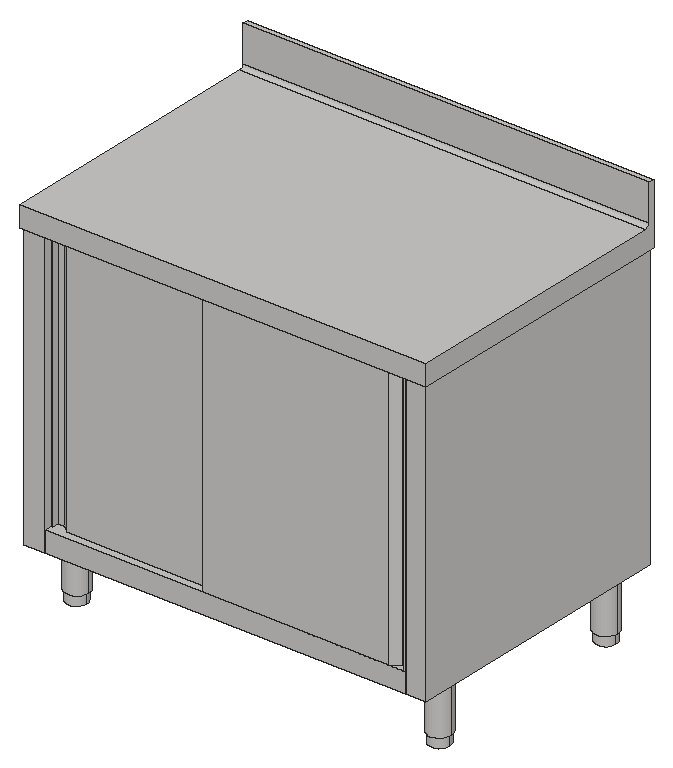
Revit family "QF_ZANUSSI_133079_TN1010EN", category Attrezzature speciali, Revit 2020
Family settings
  Quota connettore circolare = Usa diametro
  Tipo di parte = Normale
  Basato su piano di lavoro = No
  Sempre verticale = Sì
  Taglio con vuoti quando caricato = No
  Condiviso = No
  Punto di calcolo locali = No
Parameters (values of type "Standard")
  Weight = 50.00 kg
  Watts = 0 W
  Volts = 0 V
  URL Manufacturer = "http://www.zanussiprofessional.com"
  URL = "http://www.zanussiprofessional.com"
  Steam Supply Size = 0 mm
  Steam Supply Minimum Pressure = 0.0 Pa
  Steam Supply Maximum Pressure = 0.0 Pa
  Steam Consumption per Hour = 0
  Refrigeration Suction Line Size = 0.0 mm
  Refrigeration Liquid Line Size = 0.0 mm
  Refrigerant Compressor Remote = yes
  Prospetto di default = 0.0 mm
  Produttore = "Zanussi"
  Phase = 0
  Modello = "TN1010EN"
  Length Actual = 1000.0 mm  # constant formula
  Item Number = "133079"
  Hot Water Size = 0 mm
  Height Actual = 1000.0 mm  # constant formula
  HP = "0 HP"
  Gas Size = 0 mm
  Gas KW = 0
  Gas Input Pressure = 0 W
  Direct Waste Size = 0 mm
  Descrizione = "WORKTOP CUPBOARD WITH UPSTAND 1000 MM"
  Depth Actual = 700.0 mm  # constant formula
  Cycle = 0 Hz
  Condensate Return Size = 0 mm
  Compressed Air Volume = 0.0 L/s
  Compressed Air Size = 0 mm
  Compressed Air Pressure = 0.0 Pa
  Cold Water Size = 0 mm
  Accessory = yes
Reference planes
  plane 1 "Center (Front/Back)": y = 0
  plane 2: z = 0
  plane 3 "Center (Left/Right)": x = 0
  plane 4 "LEFT": x = -500
  plane 5 "RIGHT": x = 500
  plane 6 "BACK": y = 350
  plane 7 "FRONT": y = -350
  plane 8 "Base": z = 850
  plane 9 "TOP": z = 900
  plane 10: x = -446.9
  plane 11: x = 446.9
  plane 12: y = 270
  plane 13: y = -241.9
  plane 14 "BodyLeft": x = -494.5
  plane 15 "BodyFront": y = -344.5
  plane 16 "BodyRight": x = 494.5
  plane 17 "BodyBack": y = 344.5
  plane 18 "FEET": z = 150
  plane 19: x = 55.5
  plane 20: x = -55.5
Forms (mm)
  Extrusion 1, solid, material "QF_Finishes_Stainless Steel"
    sketch origin (0, 0, 0) x (0, 1, 0) y (0, 0, 1)
      loop
        line (-350, 850) -> (350, 850) -> (350, 1000) -> (337, 1000) -> (337, 910)
        arc (337, 910) -> (334.071, 902.929) -> (327, 900) r 10
        line (327, 900) -> (-350, 900) -> (-350, 850)
    from 500 to -500
  Extrusion 2, solid, material "QF_Finishes_Stainless Steel"
    sketch origin (0, 0, 150) x (-1, 0, 0) y (0, -1, 0)
      loop
        line (494.5, -344.5) -> (494.5, 344.5) -> (444.5, 344.5) -> (444.5, -344.5) -> (494.5, -344.5)
      loop
        line (-444.5, -344.5) -> (-444.5, 344.5) -> (-494.5, 344.5) -> (-494.5, -344.5) -> (-444.5, -344.5)
    from 0 to 700
  Extrusion 3, solid, material "QF_Finishes_Stainless Steel"
    sketch origin (0, 0, 150) x (-1, 0, 0) y (0, -1, 0)
      loop
        line (443.585, -344.5) -> (443.585, 344.5) -> (-444.5, 344.5) -> (-444.5, -344.5) -> (443.585, -344.5)
    from 0 to 50
  Extrusion 4, solid, material "QF_Finishes_Stainless Steel"
    sketch origin (0, 0, 150) x (-1, 0, 0) y (0, -1, 0)
      loop
        line (443.585, -344.5) -> (443.585, -294.5) -> (-444.5, -294.5) -> (-444.5, -344.5) -> (443.585, -344.5)
    from 50 to 700
  Extrusion 5, solid, material "QF_Finishes_Stainless Steel"
    sketch origin (0, 0, 150) x (-1, 0, 0) y (0, -1, 0)
      loop
        line (-444.5, 344.5) -> (-444.5, 324.5) -> (55.5, 324.5) -> (55.5, 344.5) -> (-404.5, 344.5) -> (-424.5, 329.5) -> (-439.5, 329.5) -> (-439.5, 344.5) -> (-444.5, 344.5)
    from 50 to 700
  Extrusion 6, solid, material "QF_Finishes_Stainless Steel"
    sketch origin (0, 20, 150) x (1, 0, 0) y (0, 1, 0)
      loop
        line (-444.5, -344.5) -> (-439.5, -344.5) -> (-439.5, -329.5) -> (-424.5, -329.5) -> (-404.5, -344.5) -> (55.5, -344.5) -> (55.5, -324.5) -> (-444.5, -324.5) -> (-444.5, -344.5)
    from 50 to 700
Lines and regions (mm)
  symbolic lines
    curve 1: line (500, 350, 900) -> (-500, 350, 900)
    curve 2: line (-500, 350, 900) -> (-500, -350, 900)
    curve 3: line (-500, -350, 900) -> (500, -350, 900)
    curve 4: line (500, -350, 900) -> (500, 350, 900)
    curve 5: line (-500, 337, 900) -> (500, 337, 900)
  symbolic lines, style "SpecialityEquipmentHiddenLines"
    curve 6: line (-494.5, -344.5, 150) -> (-494.5, 344.5, 150)
    curve 7: line (-494.5, 344.5, 150) -> (494.5, 344.5, 150)
    curve 8: line (494.5, 344.5, 150) -> (494.5, -344.5, 150)
    curve 9: line (494.5, -344.5, 150) -> (-494.5, -344.5, 150)
    curve 10: line (-444.5, -304.5, 150) -> (55.5, -304.5, 150)
    curve 11: line (55.5, -304.5, 150) -> (55.5, -324.5, 150)
    curve 12: line (444.5, -324.5, 150) -> (-444.5, -324.5, 150)
    curve 13: line (-444.5, -324.5, 150) -> (-444.5, -304.5, 150)
    curve 14: line (-55.5, -344.5, 150) -> (-55.5, -324.5, 150)
Dimensions and locks
  plane 4 "LEFT" to plane 5 "RIGHT" = 1000.0 mm
  equal spacing: plane 4 "LEFT", plane 3 "Center (Left/Right)", plane 5 "RIGHT"
  locked: plane 8 "Base" to level at 850
  locked: Extrusion 1 to level at 1000
  plane 9 "TOP" to level = 900.0 mm
  plane 6 "BACK" to plane 7 "FRONT" = 700.0 mm
  equal spacing: plane 6 "BACK", plane 1 "Center (Front/Back)", plane 7 "FRONT"
  locked: plane 4 "LEFT" to plane 14 "BodyLeft" at 5.5
  locked: plane 16 "BodyRight" to plane 5 "RIGHT" at 5.5
  locked: plane 15 "BodyFront" to plane 7 "FRONT" at 5.5
  locked: plane 6 "BACK" to plane 17 "BodyBack" at 5.5
  locked: plane 14 "BodyLeft" to plane 10 at 47.6
  locked: plane 11 to plane 16 "BodyRight" at 47.6
  locked: plane 13 to plane 15 "BodyFront" at 102.6
  locked: plane 17 "BodyBack" to plane 12 at 74.5
  plane 10 to plane 11 = 893.8 mm
  plane 12 to plane 13 = 511.9 mm
  locked: plane 18 "FEET" to level at 150
  locked: plane 14 "BodyLeft" to Extrusion 2 sketch curve at 50
  locked: Extrusion 2 sketch curve to Extrusion 2 sketch curve at 50
  Extrusion 3 to Extrusion 4 sketch curve = 50.0 mm
  Extrusion 2 to plane 19 = 500.0 mm
  plane 20 to Extrusion 2 = 500.0 mm
  aligned and locked: level to plane 2
  aligned and locked: plane 10 to nested 1
  aligned and locked: nested 1 to plane 13
  aligned and locked: plane 11 to nested 2
  aligned and locked: nested 2 to plane 13
  aligned and locked: plane 11 to nested 4
  aligned and locked: nested 4 to plane 12
  aligned and locked: plane 10 to nested 3
  aligned and locked: nested 3 to plane 12
  aligned and locked: Extrusion 1 to plane 4 "LEFT"
  aligned and locked: plane 5 "RIGHT" to Extrusion 1
  aligned and locked: curve 2 to plane 4 "LEFT"
  aligned and locked: plane 17 "BodyBack" to Extrusion 2 sketch curve
  aligned and locked: Extrusion 2 sketch curve to plane 15 "BodyFront"
  aligned and locked: Extrusion 2 sketch curve to plane 14 "BodyLeft"
  aligned and locked: plane 16 "BodyRight" to Extrusion 2 sketch curve
  aligned and locked: Extrusion 2 sketch curve to plane 17 "BodyBack"
  aligned and locked: plane 15 "BodyFront" to Extrusion 2 sketch curve
  aligned and locked: Extrusion 3 sketch curve to plane 17 "BodyBack"
  aligned and locked: plane 15 "BodyFront" to Extrusion 3 sketch curve
  aligned and locked: plane 8 "Base" to Extrusion 2
  aligned and locked: plane 8 "Base" to Extrusion 5
  aligned and locked: Extrusion 5 to Extrusion 3
  aligned and locked: Extrusion 6 sketch curve to plane 19
  aligned and locked: Extrusion 5 sketch curve to plane 20
  aligned and locked: curve 7 to plane 17 "BodyBack"
  aligned and locked: Extrusion 2 to plane 14 "BodyLeft"
  aligned and locked: plane 16 "BodyRight" to curve 8
  aligned and locked: plane 15 "BodyFront" to curve 9
Automatic sketch dimensions
  curve 3 to plane 7 "FRONT" = 0.0 mm
  curve 5 to plane 5 "RIGHT" = 0.0 mm
  curve 4 to plane 6 "BACK" = 0.0 mm
  curve 5 to plane 17 "BodyBack" = 7.5 mm
  Extrusion 1 sketch curve to plane 7 "FRONT" = 0.0 mm
  Extrusion 1 sketch curve to plane 9 "TOP" = 0.0 mm
  Extrusion 1 sketch curve to plane 6 "BACK" = 0.0 mm
  Extrusion 1 sketch curve to plane 8 "Base" = 0.0 mm
  Extrusion 1 sketch curve to plane 17 "BodyBack" = 17.5 mm
  Extrusion 1 sketch curve to plane 17 "BodyBack" = 7.5 mm
  Extrusion 1 sketch curve to Extrusion 1 sketch curve = 90.0 mm
  Extrusion 5 sketch curve to plane 15 "BodyFront" = 0.0 mm  (x2)
  Extrusion 5 sketch curve to plane 11 = 2.4 mm
  Extrusion 5 sketch curve to Extrusion 5 sketch curve = 5.0 mm
  Extrusion 5 sketch curve to Extrusion 5 sketch curve = 15.0 mm
  Extrusion 5 sketch curve to Extrusion 5 sketch curve = 20.0 mm
  plane 15 "BodyFront" to Extrusion 5 sketch curve = 15.0 mm
  plane 15 "BodyFront" to Extrusion 5 sketch curve = 20.0 mm
  Extrusion 6 sketch curve to plane 15 "BodyFront" = 20.0 mm  (x2)
  Extrusion 6 sketch curve to plane 10 = 2.4 mm
  Extrusion 6 sketch curve to Extrusion 6 sketch curve = 5.0 mm
  Extrusion 6 sketch curve to Extrusion 6 sketch curve = 15.0 mm
  Extrusion 6 sketch curve to Extrusion 6 sketch curve = 20.0 mm  (x2)
  Extrusion 6 sketch curve to plane 15 "BodyFront" = 35.0 mm
  Extrusion 3 sketch curve to plane 11 = 2.4 mm
  plane 10 to Extrusion 3 sketch curve = 3.315 mm
  Extrusion 4 sketch curve to plane 11 = 2.4 mm
  plane 10 to Extrusion 4 sketch curve = 3.315 mm
  curve 10 to plane 19 = 0.0 mm
  curve 14 to plane 20 = 0.0 mm
  curve 7 to plane 14 "BodyLeft" = 0.0 mm
  plane 10 to curve 13 = 2.4 mm
  curve 10 to curve 13 = 20.0 mm
  curve 12 to plane 11 = 2.4 mm
  plane 15 "BodyFront" to curve 14 = 20.0 mm
Nested families
  nested 1: "FEET_D58-150" at (-446.9, -241.9, 0), type "FEET_D58-150"
  nested 2: "FEET_D58-150" at (446.9, -241.9, 0), type "FEET_D58-150"
  nested 3: "FEET_D58-150" at (-446.9, 270, 0), type "FEET_D58-150"
  nested 4: "FEET_D58-150" at (446.9, 270, 0), type "FEET_D58-150"
Definition of nested family "FEET_D58-150"
  Parameters
    Default Elevation = 0.0 mm
    FEET = 150.0 mm
  Reference planes
    plane 1 "Center (Front/Back)": y = 0
    plane 2: z = 0
    plane 3 "Center (Left/Right)": x = 0
    plane 4: z = 150
  Forms (mm)
    Extrusion 1, solid
      sketch origin (0, 0, 0) x (1, 0, 0) y (0, 1, 0)
        loop
          circle (0, 0) r 25
      from 0 to 25
    Extrusion 2, solid
      sketch origin (0, 0, 0) x (1, 0, 0) y (0, 1, 0)
        loop
          circle (0.061, 0) r 29
      from 25 to 150 <- "FEET"
  Lines and regions (mm)
    symbolic lines
      curve 1: line (0, -1.503, 0) -> (0, 1.508, 0)
      curve 2: line (1.561, 0, 0) -> (-1.439, 0, 0)
  Dimensions and locks
    "FEET": plane 4 to plane 2
    aligned and locked: level to plane 2
  Automatic sketch dimensions
    plane 1 "Center (Front/Back)" to Extrusion 1 sketch curve = 0.0 mm
    Extrusion 1 sketch curve to plane 3 "Center (Left/Right)" = 0.0 mm
    plane 1 "Center (Front/Back)" to curve 2 = 0.0 mm
    curve 1 to plane 3 "Center (Left/Right)" = 0.0 mm
    curve 2 to plane 3 "Center (Left/Right)" = 1.439 mm
    plane 3 "Center (Left/Right)" to curve 2 = 1.561 mm
    plane 1 "Center (Front/Back)" to curve 1 = 1.503 mm
    curve 1 to plane 1 "Center (Front/Back)" = 1.508 mm
    plane 1 "Center (Front/Back)" to Extrusion 2 sketch curve = 0.0 mm
    plane 3 "Center (Left/Right)" to Extrusion 2 sketch curve = 0.061 mm
    radius of Extrusion 1 sketch curve = 25.0 mm
    radius of Extrusion 2 sketch curve = 29.0 mm
